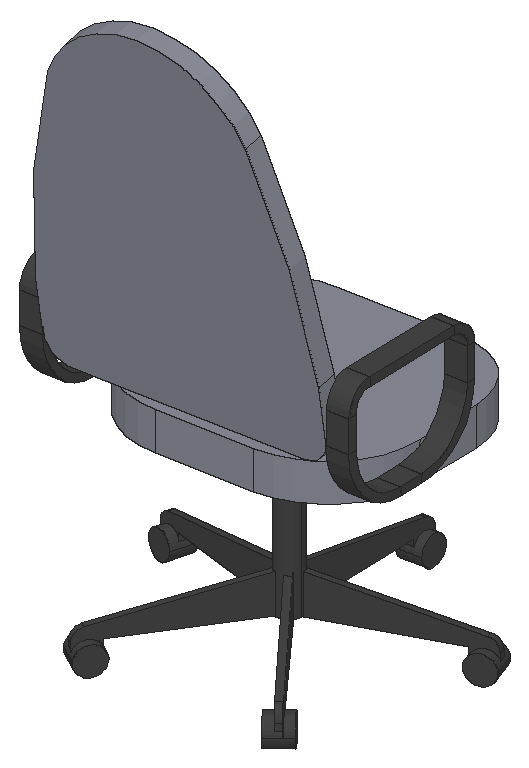
Revit family "Chair-Executive", category Furniture, Revit 2018
Family settings
  OmniClass Number = 23.40.20.14.14.11
  OmniClass Title = Chairs
  Work Plane-Based = No
  Always vertical = Yes
  Cut with Voids When Loaded = No
  Shared = Yes
  Room Calculation Point = No
Parameters (values of type "Chair-Executive")
  Assembly Code = "E2020200"
  Base/Arms Material = Plastic, Opaque Black
  Casters Material = Plastic, Opaque Black
  Seat/Back Material = Textile - Slate Blue
Reference planes (in)
  plane 1 "Center (Front/Back)": y = 0.7459
  plane 2: z = 0
  plane 3 "Center (Left/Right)": x = 5.55082
  plane 4: x = 18.05082
  plane 5: x = -6.94918
  plane 6: y = -12.7541
  plane 7: y = 14.2459
  plane 8: z = 42
  plane 9 "Seat": z = 18
  plane 10: x = 7.55082
  plane 11: x = 3.55082
  plane 12: through (0, -5.18709, -0.91462) normal (0, -0.9848, -0.1736)
  plane 13: x = 16.30082
  plane 14: x = -5.19918
Forms (in)
  Extrusion 1, solid, material "Plastic, Opaque Black" <- "Base/Arms Material"
    sketch origin (7.55082, 0, 0) x (0, -1, 0) y (0, 0, 1)
      loop
        line (0.7541, 15.10959) -> (-2.7459, 15.10959) -> (-2.7459, 14.60959) -> (-0.7459, 11.14549) -> (0.7541, 11.14549) -> (0.7541, 15.10959)
    from 0 to 4
  Extrusion 2, solid, material "Plastic, Opaque Black" <- "Base/Arms Material"
    sketch origin (5.55082, 0, 0) x (0, 1, 0) y (0, 0, 1)
      loop
        line (0.7459, 2.10959) -> (12.2459, 2.10959) -> (12.2459, 1.10959) -> (14.2459, 1.10959) -> (14.2459, 2.0664)
        arc (14.2459, 2.0664) -> (14.01195, 2.70919) -> (13.41955, 3.05121) r 1
        line (13.41955, 3.05121) -> (1.7459, 5.10959) -> (0.7459, 5.10959) -> (0.7459, 2.10959)
    from 0.25 to -0.25
  Extrusion 3, solid, material "Plastic, Opaque Black" <- "Casters Material"
    sketch origin (5.55082, 0, 0) x (0, 1, 0) y (0, 0, 1)
      loop
        circle (13.2459, 1.10959) r 1.11025
    from 1 to -1
  Extrusion 4, solid, material "Plastic, Opaque Black" <- "Base/Arms Material"
    sketch origin (6.26021, 0.51541, 0) x (-0.951057, 0.309017, 0) y (0, 0, 1)
      loop
        line (0.7459, 2.10959) -> (12.2459, 2.10959) -> (12.2459, 1.10959) -> (14.2459, 1.10959) -> (14.2459, 2.0664)
        arc (14.2459, 2.0664) -> (14.01195, 2.70919) -> (13.41955, 3.05121) r 1
        line (13.41955, 3.05121) -> (1.7459, 5.10959) -> (0.7459, 5.10959) -> (0.7459, 2.10959)
    from 0.25 to -0.25
  Extrusion 5, solid, material "Plastic, Opaque Black" <- "Casters Material"
    sketch origin (6.26021, 0.51541, 0) x (-0.951057, 0.309017, 0) y (0, 0, 1)
      loop
        circle (13.2459, 1.10959) r 1.11025
    from 1 to -1
  Extrusion 6, solid, material "Plastic, Opaque Black" <- "Base/Arms Material"
    sketch origin (5.98925, 1.34935, 0) x (-0.587785, -0.809017, 0) y (0, 0, 1)
      loop
        line (0.7459, 2.10959) -> (12.2459, 2.10959) -> (12.2459, 1.10959) -> (14.2459, 1.10959) -> (14.2459, 2.0664)
        arc (14.2459, 2.0664) -> (14.01195, 2.70919) -> (13.41955, 3.05121) r 1
        line (13.41955, 3.05121) -> (1.7459, 5.10959) -> (0.7459, 5.10959) -> (0.7459, 2.10959)
    from 0.25 to -0.25
  Extrusion 7, solid, material "Plastic, Opaque Black" <- "Casters Material"
    sketch origin (5.98925, 1.34935, 0) x (-0.587785, -0.809017, 0) y (0, 0, 1)
      loop
        circle (13.2459, 1.10959) r 1.11025
    from 1 to -1
  Extrusion 8, solid, material "Plastic, Opaque Black" <- "Base/Arms Material"
    sketch origin (5.11239, 1.34935, 0) x (0.587785, -0.809017, 0) y (0, 0, 1)
      loop
        line (0.7459, 2.10959) -> (12.2459, 2.10959) -> (12.2459, 1.10959) -> (14.2459, 1.10959) -> (14.2459, 2.0664)
        arc (14.2459, 2.0664) -> (14.01195, 2.70919) -> (13.41955, 3.05121) r 1
        line (13.41955, 3.05121) -> (1.7459, 5.10959) -> (0.7459, 5.10959) -> (0.7459, 2.10959)
    from 0.25 to -0.25
  Extrusion 9, solid, material "Plastic, Opaque Black" <- "Casters Material"
    sketch origin (5.11239, 1.34935, 0) x (0.587785, -0.809017, 0) y (0, 0, 1)
      loop
        circle (13.2459, 1.10959) r 1.11025
    from 1 to -1
  Extrusion 10, solid, material "Plastic, Opaque Black" <- "Base/Arms Material"
    sketch origin (4.84143, 0.51541, 0) x (0.951057, 0.309017, 0) y (0, 0, 1)
      loop
        line (0.7459, 2.10959) -> (12.2459, 2.10959) -> (12.2459, 1.10959) -> (14.2459, 1.10959) -> (14.2459, 2.0664)
        arc (14.2459, 2.0664) -> (14.01195, 2.70919) -> (13.41955, 3.05121) r 1
        line (13.41955, 3.05121) -> (1.7459, 5.10959) -> (0.7459, 5.10959) -> (0.7459, 2.10959)
    from 0.25 to -0.25
  Extrusion 11, solid, material "Plastic, Opaque Black" <- "Casters Material"
    sketch origin (4.84143, 0.51541, 0) x (0.951057, 0.309017, 0) y (0, 0, 1)
      loop
        circle (13.2459, 1.10959) r 1.11025
    from 1 to -1
  Extrusion 12, solid, material "Plastic, Opaque Black" <- "Base/Arms Material"
    sketch origin (0, 0, 0) x (1, 0, 0) y (0, 1, 0)
      loop
        circle (5.55082, 0.7459) r 1
    from 2.10959 to 15.125
  Extrusion 13, solid, material "Textile - Slate Blue" <- "Seat/Back Material"
    sketch origin (0, 0, 0) x (1, 0, 0) y (0, 1, 0)
      loop
        arc (0.80082, 11.09827) -> (-3.44182, 9.34091) -> (-5.19918, 5.09827) r 6
        line (-5.19918, 5.09827) -> (-5.19918, -0.2541)
        arc (-5.19918, -0.2541) -> (-3.14893, -5.20385) -> (1.80082, -7.2541) r 7
        line (1.80082, -7.2541) -> (9.30082, -7.2541)
        arc (9.30082, -7.2541) -> (14.25057, -5.20385) -> (16.30082, -0.2541) r 7
        line (16.30082, -0.2541) -> (16.30082, 5.09827)
        arc (16.30082, 5.09827) -> (14.54346, 9.34091) -> (10.30082, 11.09827) r 6
        line (10.30082, 11.09827) -> (0.80082, 11.09827)
    from 15.10959 to 18
  Extrusion 14, solid, material "Textile - Slate Blue" <- "Seat/Back Material"
    sketch origin (0, -5.18709, -0.91462) x (0, 0.173648, -0.984808) y (1, 0, 0)
      loop
        line (-21.04394, -3.19918) -> (-21.04394, 14.30082)
        arc (-21.04394, 14.30082) -> (-21.62973, 15.71503) -> (-23.04394, 16.30082) r 2
        line (-23.04394, 16.30082) -> (-27.04394, 16.30082)
        arc (-27.04394, 16.30082) -> (-35.47709, 15.26623) -> (-43.67955, 13.05082) r 60
        arc (-43.67955, 13.05082) -> (-48.89567, 5.55082) -> (-43.67955, -1.94918) r 8
        arc (-43.67955, -1.94918) -> (-35.47709, -4.16459) -> (-27.04394, -5.19918) r 60
        line (-27.04394, -5.19918) -> (-23.04394, -5.19918)
        arc (-23.04394, -5.19918) -> (-21.62973, -4.61339) -> (-21.04394, -3.19918) r 2
    from 0 to -1.5
  Sweep 15, solid, material "Plastic, Opaque Black" <- "Base/Arms Material"
    path origin (16.30082, 0, 0) x (0, 1, 0) y (0, 0, 1)
      loop
        arc (-2.2541, 16.5) -> (1.28144, 17.96447) -> (2.7459, 21.5) r 5
        line (2.7459, 21.5) -> (2.7459, 24)
        arc (2.7459, 24) -> (2.16012, 25.41421) -> (0.7459, 26) r 2
        line (0.7459, 26) -> (-7.2541, 26)
        arc (-7.2541, 26) -> (-8.66831, 25.41421) -> (-9.2541, 24) r 2
        line (-9.2541, 24) -> (-9.2541, 21.5)
        arc (-9.2541, 21.5) -> (-7.78963, 17.96447) -> (-4.2541, 16.5) r 5
        line (-4.2541, 16.5) -> (-2.2541, 16.5)
    profile origin (16.30082, -3.2541, 0) x (0, 0, -1) y (1, 0, 0)
      loop
        line (-16.5548, 0) -> (-16.5548, 1.75) -> (-17.1798, 1.75) -> (-17.1798, 0) -> (-16.5548, 0)
  Sweep 16, solid, material "Plastic, Opaque Black" <- "Base/Arms Material"
    path origin (-5.19918, 0, 0) x (0, 1, 0) y (0, 0, 1)
      loop
        arc (-2.2541, 16.5) -> (1.28144, 17.96447) -> (2.7459, 21.5) r 5
        line (2.7459, 21.5) -> (2.7459, 24)
        arc (2.7459, 24) -> (2.16012, 25.41421) -> (0.7459, 26) r 2
        line (0.7459, 26) -> (-7.2541, 26)
        arc (-7.2541, 26) -> (-8.66831, 25.41421) -> (-9.2541, 24) r 2
        line (-9.2541, 24) -> (-9.2541, 21.5)
        arc (-9.2541, 21.5) -> (-7.78963, 17.96447) -> (-4.2541, 16.5) r 5
        line (-4.2541, 16.5) -> (-2.2541, 16.5)
    profile origin (-26.69918, -3.2541, 0) x (0, 0, -1) y (1, 0, 0)
      loop
        line (-16.5548, 21.5) -> (-17.1798, 21.5) -> (-17.1798, 19.75) -> (-16.5548, 19.75) -> (-16.5548, 21.5)
Lines and regions (in)
  Masking region 1
    outline origin (0, 0, 18) x (0, -1, 0) y (1, 0, 0)
      loop
        line (-2.69111, -5.69332) -> (-2.69111, -6.94918) -> (7.2541, -6.94918) -> (7.2541, -5.69332) -> (-2.69111, -5.69332)
      loop
        line (-2.69111, 16.77824) -> (7.2541, 16.77824) -> (7.2541, 18.05082) -> (-2.69111, 18.05082) -> (-2.69111, 16.77824)
      loop
        line (-4.11084, -5.19918) -> (2.60765, -5.19918)
        arc (2.60765, -5.19918) -> (4.19218, -5.01748) -> (5.69445, -4.48183) r 7
        arc (5.69445, -4.48183) -> (6.29075, -4.82231) -> (6.96717, -4.94047) r 1.99522
        line (6.96717, -4.94047) -> (8.74309, -4.94047)
        arc (8.74309, -4.94047) -> (9.44556, -4.6495) -> (9.73653, -3.94703) r 0.99344
        line (9.73653, -3.94703) -> (9.73653, -3.30118) -> (10.8528, -1.64007) -> (9.73653, -0.82904) -> (9.73653, 11.93068) -> (10.8528, 12.74171) -> (9.73653, 14.27813) -> (9.73653, 15.04821)
        arc (9.73653, 15.04821) -> (9.44556, 15.75067) -> (8.74309, 16.04164) r 0.99343
        line (8.74309, 16.04164) -> (6.96698, 16.04164)
        arc (6.96698, 16.04164) -> (6.29084, 15.92357) -> (5.69473, 15.58333) r 1.99503
        arc (5.69473, 15.58333) -> (4.19233, 16.11909) -> (2.60765, 16.30082) r 7
        line (2.60765, 16.30082) -> (-4.51882, 16.30082) -> (-3.31447, 16.69214) -> (-4.00064, 18.80395) -> (-5.90276, 18.18592) -> (-5.28926, 16.29778)
        arc (-5.28926, 16.29778) -> (-9.40791, 14.47539) -> (-11.09827, 10.30082) r 6
        line (-11.09827, 10.30082) -> (-11.09827, 5.80082) -> (-12.13565, 5.80082) -> (-12.13565, 6.55082) -> (-14.35615, 6.55082) -> (-14.35615, 4.55082) -> (-12.13565, 4.55082) -> (-12.13565, 5.30082) -> (-11.09827, 5.30082) -> (-11.09827, 0.80082)
        arc (-11.09827, 0.80082) -> (-9.34091, -3.44182) -> (-5.09827, -5.19918) r 6
        line (-5.09827, -5.19918) -> (-5.90276, -7.08428) -> (-4.00064, -7.70231) -> (-3.31447, -5.5905) -> (-4.11084, -5.19918)
  symbolic lines
    curve 1: line (-3.94703, -9.73653, 18) -> (15.04821, -9.73653, 18)
    curve 2: line (-4.94047, -8.74309, 18) -> (-4.94047, -6.96717, 18)
    curve 3: line (-2.94526, -4.97195, 18) -> (14.04661, -4.97195, 18)
    curve 4: line (16.04164, -8.74309, 18) -> (16.04164, -6.96698, 18)
    curve 5: arc (-2.94526, -4.97195, 18) -> (-4.35609, -5.55634, 18) -> (-4.94047, -6.96717, 18) r 1.99522
    curve 6: arc (14.04661, -4.97195, 18) -> (15.45731, -5.55629, 18) -> (16.04164, -6.96698, 18) r 1.99503
    curve 7: arc (-4.94047, -8.74309, 18) -> (-4.6495, -9.44556, 18) -> (-3.94703, -9.73653, 18) r 0.99344
    curve 8: arc (16.04164, -8.74309, 18) -> (15.75067, -9.44556, 18) -> (15.04821, -9.73653, 18) r 0.99343
    curve 9: line (0.80082, 11.09827, 18) -> (10.30082, 11.09827, 18)
    curve 10: line (-5.19918, 5.09827, 18) -> (-5.19918, -2.60765, 18)
    curve 11: line (16.30082, 5.09827, 18) -> (16.30082, -2.60765, 18)
    curve 12: arc (0.80082, 11.09827, 18) -> (-3.44182, 9.34091, 18) -> (-5.19918, 5.09827, 18) r 6
    curve 13: arc (10.30082, 11.09827, 18) -> (14.54346, 9.34091, 18) -> (16.30082, 5.09827, 18) r 6
    curve 14: arc (16.30082, -2.60765, 18) -> (16.11909, -4.19233, 18) -> (15.58333, -5.69473, 18) r 7
    curve 15: arc (-5.19918, -2.60765, 18) -> (-5.01748, -4.19218, 18) -> (-4.48183, -5.69445, 18) r 7
    curve 16: line (4.55082, 14.35615, 18) -> (6.55082, 14.35615, 18)
    curve 17: line (4.55082, 14.35615, 18) -> (4.55082, 12.13565, 18)
    curve 18: line (4.55082, 12.13565, 18) -> (6.55082, 12.13565, 18)
    curve 19: line (6.55082, 14.35615, 18) -> (6.55082, 12.13565, 18)
    curve 20: line (16.29778, 5.28926, 18) -> (18.18592, 5.90276, 18)
    curve 21: line (18.18592, 5.90276, 18) -> (18.80395, 4.00064, 18)
    curve 22: line (18.80395, 4.00064, 18) -> (16.69214, 3.31447, 18)
    curve 23: line (16.69214, 3.31447, 18) -> (16.30082, 4.51882, 18)
    curve 24: line (11.93068, -9.73653, 18) -> (12.74171, -10.8528, 18)
    curve 25: line (12.74171, -10.8528, 18) -> (14.27813, -9.73653, 18)
    curve 26: line (-0.82904, -9.73653, 18) -> (-1.64007, -10.8528, 18)
    curve 27: line (-1.64007, -10.8528, 18) -> (-3.30118, -9.73653, 18)
    curve 28: line (-7.70231, 4.00064, 18) -> (-7.08428, 5.90276, 18)
    curve 29: line (-7.08428, 5.90276, 18) -> (-5.19918, 5.09827, 18)
    curve 30: line (-7.70231, 4.00064, 18) -> (-5.5905, 3.31447, 18)
    curve 31: line (-5.5905, 3.31447, 18) -> (-5.19918, 4.11084, 18)
    curve 32: line (5.30082, 12.13565, 18) -> (5.80082, 12.13565, 18)
    curve 33: line (5.30082, 12.13565, 18) -> (5.30082, 11.09827, 18)
    curve 34: line (5.30082, 11.09827, 18) -> (5.80082, 11.09827, 18)
    curve 35: line (5.80082, 12.13565, 18) -> (5.80082, 11.09827, 18)
    curve 36: line (-6.94918, 2.69111, 18) -> (-5.69332, 2.69111, 18)
    curve 37: line (-6.94918, 2.69111, 18) -> (-6.94918, -7.2541, 18)
    curve 38: line (-6.94918, -7.2541, 18) -> (-5.69332, -7.2541, 18)
    curve 39: line (-5.69332, 2.69111, 18) -> (-5.69332, -7.2541, 18)
    curve 40: line (18.05082, 2.69111, 18) -> (16.77824, 2.69111, 18)
    curve 41: line (18.05082, 2.69111, 18) -> (18.05082, -7.2541, 18)
    curve 42: line (18.05082, -7.2541, 18) -> (16.77824, -7.2541, 18)
    curve 43: line (16.77824, 2.69111, 18) -> (16.77824, -7.2541, 18)
Dimensions and locks (in)
  equal spacing: plane 5, plane 3 "Center (Left/Right)", plane 4
  plane 5 to plane 4 = 2' - 1"
  equal spacing: plane 6, plane 1 "Center (Front/Back)", plane 7
  plane 6 to plane 7 = 2' - 3"
Automatic sketch dimensions
  curve 13 to plane 13 = 0' - 0"
  curve 29 to plane 14 = 0' - 0"
  curve 37 to plane 5 = 0' - 0"
  curve 40 to plane 4 = 0' - 0"
  curve 16 to plane 7 = 0' - 0.11025"
  plane 3 "Center (Left/Right)" to curve 32 = 0' - 0 1/4"
  plane 7 to curve 32 = 0' - 2.11025"
  curve 19 to curve 32 = 0' - 0"
  curve 33 to plane 3 "Center (Left/Right)" = 0' - 0 1/4"
  curve 32 to curve 33 = 0' - 1.03738"
  plane 7 to curve 13 = 0' - 3.14763"
  plane 5 to curve 28 = 0' - 0.1351"
  curve 20 to plane 4 = 0' - 0.1351"
  curve 20 to plane 13 = 0' - 0.00304"
  curve 20 to curve 20 = 0' - 0.61349"
  curve 28 to curve 10 = 0' - 0.80448"
  plane 11 to curve 12 = 0' - 2 3/4"
  curve 20 to curve 13 = 0' - 0.19099"
  curve 11 to curve 23 = 0' - 0.57945"
  curve 10 to curve 31 = 0' - 0.98743"
  plane 5 to curve 30 = 0' - 0.75313"
  plane 13 to curve 23 = 0' - 0.39132"
  curve 31 to plane 14 = 0' - 0.39132"
  curve 31 to curve 31 = 0' - 0.79637"
  curve 22 to curve 43 = 0' - 0.62337"
  curve 30 to curve 36 = 0' - 0.62337"
  plane 1 "Center (Front/Back)" to curve 15 = 0' - 3.35355"
  curve 14 to curve 3 = 0' - 2.3643"
  plane 14 to curve 15 = 0' - 0.71735"
  curve 3 to curve 15 = 0' - 0.72249"
  curve 14 to plane 13 = 0' - 0.71749"
  curve 3 to curve 14 = 0' - 0.72277"
  curve 4 to plane 13 = 0' - 0.25918"
  plane 14 to curve 5 = 0' - 0.25871"
  curve 4 to curve 43 = 0' - 0.28712"
  curve 2 to curve 38 = 0' - 0.28693"
  curve 2 to curve 7 = 0' - 1.77592"
  curve 24 to plane 6 = 0' - 3.01757"
  curve 8 to curve 8 = 0' - 0.99343"
  curve 7 to curve 27 = 0' - 0.99344"
  curve 26 to curve 26 = 0' - 1.11628"
  curve 24 to curve 25 = 0' - 1.11628"
  curve 39 to plane 14 = 0' - 0.49414"
  curve 1 to curve 27 = 0' - 0.64586"
  curve 27 to curve 27 = 0' - 1.66111"
  curve 26 to curve 26 = 0' - 0.81102"
  curve 16 to plane 3 "Center (Left/Right)" = 0' - 1"
  plane 3 "Center (Left/Right)" to curve 16 = 0' - 1"
  curve 24 to curve 24 = 0' - 0.81102"
  curve 25 to curve 8 = 0' - 0.77008"
  plane 13 to curve 43 = 0' - 0.47742"
  Masking region 1 sketch curve to plane 14 = 0' - 0"  (x2)
  Masking region 1 sketch curve to plane 4 = 0' - 0"
  Masking region 1 sketch curve to plane 5 = 0' - 0"
  plane 5 to Masking region 1 sketch curve = 0' - 0.1351"
  Masking region 1 sketch curve to plane 1 "Center (Front/Back)" = 0' - 5.15685"
  Masking region 1 sketch curve to Masking region 1 sketch curve = 0' - 0.80448"
  Masking region 1 sketch curve to Masking region 1 sketch curve = 0' - 0.98743"
  plane 5 to Masking region 1 sketch curve = 0' - 0.75313"
  Masking region 1 sketch curve to Masking region 1 sketch curve = 0' - 1.90211"
  Masking region 1 sketch curve to plane 14 = 0' - 0.39132"
  Masking region 1 sketch curve to plane 1 "Center (Front/Back)" = 0' - 1.9452"
  Masking region 1 sketch curve to Masking region 1 sketch curve = 0' - 0.62337"  (x2)
  plane 1 "Center (Front/Back)" to Masking region 1 sketch curve = 0' - 3.35355"  (x2)
  plane 14 to Masking region 1 sketch curve = 0' - 0.71735"
  Masking region 1 sketch curve to Masking region 1 sketch curve = 0' - 3.0868"
  Masking region 1 sketch curve to plane 13 = 0' - 0.71749"
  Masking region 1 sketch curve to Masking region 1 sketch curve = 0' - 3.08708"
  Masking region 1 sketch curve to plane 13 = 0' - 0.25918"
  Masking region 1 sketch curve to Masking region 1 sketch curve = 0' - 1.27225"
  Masking region 1 sketch curve to Masking region 1 sketch curve = 0' - 1.27272"
  Masking region 1 sketch curve to Masking region 1 sketch curve = 0' - 0.28712"
  Masking region 1 sketch curve to Masking region 1 sketch curve = 0' - 0.28693"
  Masking region 1 sketch curve to Masking region 1 sketch curve = 0' - 1.77592"
  Masking region 1 sketch curve to Masking region 1 sketch curve = 0' - 1.48899"
  Masking region 1 sketch curve to Masking region 1 sketch curve = 0' - 0.99343"
  Masking region 1 sketch curve to plane 14 = 0' - 0.49414"
  plane 14 to Masking region 1 sketch curve = 0' - 0.25871"
  plane 13 to Masking region 1 sketch curve = 0' - 0.47742"
  Masking region 1 sketch curve to plane 6 = 0' - 1.90129"
  Masking region 1 sketch curve to Masking region 1 sketch curve = 0' - 0.64586"
  Masking region 1 sketch curve to Masking region 1 sketch curve = 0' - 1.66111"
  Masking region 1 sketch curve to Masking region 1 sketch curve = 0' - 1.11628"  (x2)
  Masking region 1 sketch curve to Masking region 1 sketch curve = 0' - 0.81102"  (x2)
  Masking region 1 sketch curve to Masking region 1 sketch curve = 0' - 0.99344"
  Masking region 1 sketch curve to Masking region 1 sketch curve = 0' - 3.11753"
  Masking region 1 sketch curve to plane 4 = 0' - 0.1351"
  Masking region 1 sketch curve to plane 13 = 0' - 0.00304"
  Masking region 1 sketch curve to plane 4 = 0' - 0.75313"
  plane 13 to Masking region 1 sketch curve = 0' - 0.39132"
  Masking region 1 sketch curve to Masking region 1 sketch curve = 0' - 2.58828"
  plane 11 to Masking region 1 sketch curve = 0' - 2 3/4"
  Masking region 1 sketch curve to plane 10 = 0' - 2 3/4"
  Masking region 1 sketch curve to plane 13 = 0' - 0"
  plane 3 "Center (Left/Right)" to Masking region 1 sketch curve = 0' - 0 1/4"
  Masking region 1 sketch curve to Masking region 1 sketch curve = 0' - 0"  (x2)
  Masking region 1 sketch curve to Masking region 1 sketch curve = 0' - 1.03738"
  plane 3 "Center (Left/Right)" to Masking region 1 sketch curve = 0' - 1"
  Masking region 1 sketch curve to plane 7 = 0' - 0.11025"
  Masking region 1 sketch curve to plane 3 "Center (Left/Right)" = 0' - 1"
  Masking region 1 sketch curve to plane 3 "Center (Left/Right)" = 0' - 0 1/4"
